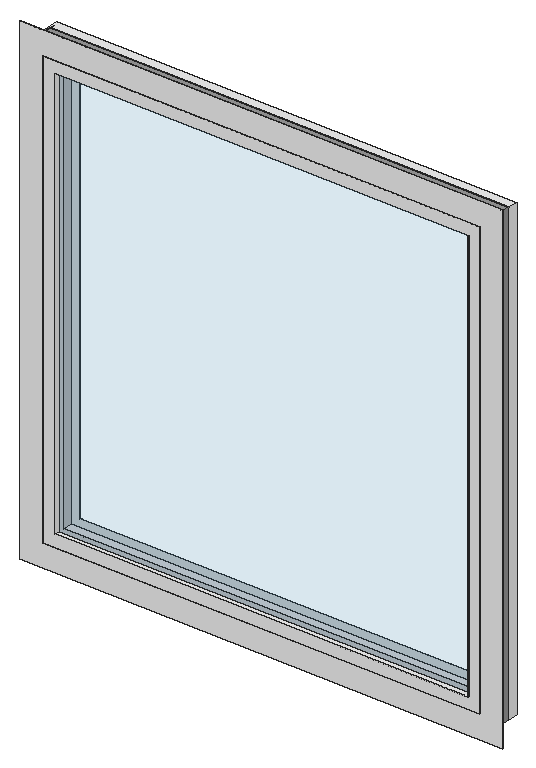
Revit family "Edge_TB42_H_Top_Hung_Custom", category Windows, host Wall, Revit 2014
Parameters (values of type "Casement_Sash_DG")
  Width Sash [instance] = 30 mm
  Width Sash Inner = 15 mm
  Width Bead = 15 mm
  Top Hung [instance] = yes
  Thermal Break Material = Rubber, Black
  Thermal Break Length = 16 mm
  Side Hung Right [instance] = yes
  Side Hung Left [instance] = yes
  Sash Opening Width [instance] = 600 mm
  Sash Opening Height [instance] = 600 mm
  Sash Lip = 15 mm
  Sash Leg [instance] = (Depth Sash - Thermal Break Length) / 2  # 13 mm
  SG Bead Leg = 6.683 mm
  Glazing Material [instance] = Glass
  Glazing Offset = 5 mm
  DG Start Piece 2 [instance] = DG End Piece 1 + DG Gasket Thickness  # 24.158 mm
  DG Start Peice 1 [instance] = ((Depth Sash - (2 * DG Glazing Thickness) - DG Gasket Thickness) / 2) - (SG Bead Leg - Aluminium Thickness) / 2  # 5.758 mm
  DG Glazing Thickness [instance] = 6.4 mm
  DG Gasket Thickness = 12 mm  # constant formula
  DG Gasket Material [instance] = none
  Depth Sash [instance] = 42 mm
  DG End Piece 2 [instance] = DG Start Piece 2 + DG Glazing Thickness  # 30.558 mm
  DG End Piece 1 [instance] = DG Start Peice 1 + DG Glazing Thickness  # 12.158 mm
  Center Vertical Sash [instance] = Sash Opening Height / 2  # 300 mm
  Center Horizontal Sash [instance] = Sash Opening Width / 2  # 300 mm
  Bottom Hung [instance] = yes
  Bead Offset = 15 mm
  Aluminium Thickness = 1 mm
  Aluminium Material [instance] = White Powder Coated Aluminium
Reference planes
  plane 1 "Center (Front/Back)": y = 0
  plane 2: z = 0
  plane 3 "Center (Left/Right)": x = 0
Forms (mm)
  Sweep 1, solid, material "White Powder Coated Aluminium" <- "Aluminium Material"
    path origin (16.177, 0, 121.331) x (1, 0, 0) y (0, 0, 1)
      loop
        line (0, 0) -> (600, 0) -> (600, 600) -> (0, 600) -> (0, 0)
    profile origin (316.177, 0, 121.331) x (0, 0, 1) y (0, -1, 0)
      loop
        line (0, 0) -> (30, 0) -> (30, 1) -> (15, 1) -> (15, 13) -> (14, 13) -> (14, 1) -> (1, 1) -> (1, 13) -> (0, 13) -> (0, 0)
      loop
        line (15, 42) -> (-15, 42) -> (-15, 41) -> (0, 41) -> (0, 29) -> (1, 29) -> (1, 41) -> (14, 41) -> (14, 29) -> (15, 29) -> (15, 42)
  Sweep 2, solid, material "White Powder Coated Aluminium" <- "Aluminium Material"
    path origin (0, 0, 0) x (1, 0, 0) y (0, 0, 1)
      loop
        line (31.177, 706.331) -> (31.177, 136.331) -> (601.177, 136.331) -> (601.177, 706.331) -> (31.177, 706.331)
    profile origin (316.177, 0, 706.331) x (0, 0, 1) y (0, -1, 0)
      loop
        line (0, 41) -> (0, 42) -> (-15, 42) -> (-15, 35.317) -> (-14, 35.317) -> (-14, 41) -> (0, 41)
  Extrusion 3, solid, material "Glass" <- "Glazing Material"
    sketch origin (0, 0, 0) x (1, 0, 0) y (0, 0, 1)
      loop
        line (36.177, 701.331) -> (36.177, 141.331) -> (596.177, 141.331) -> (596.177, 701.331) -> (36.177, 701.331)
    from 5.758 <- "DG Start Peice 1" to 12.158 <- "DG End Piece 1"
  Extrusion 4, solid, material "Glass" <- "Glazing Material"
    sketch origin (0, 0, 0) x (1, 0, 0) y (0, 0, 1)
      loop
        line (36.177, 701.331) -> (36.177, 141.331) -> (596.177, 141.331) -> (596.177, 701.331) -> (36.177, 701.331)
    from 30.558 <- "DG End Piece 2" to 24.158 <- "DG Start Piece 2"
  Sweep 5, solid, material <- "DG Gasket Material"
    path origin (0, -12.158, 0) x (1, 0, 0) y (0, 0, 1)
      loop
        line (36.177, 701.331) -> (36.177, 141.331) -> (596.177, 141.331) -> (596.177, 701.331) -> (36.177, 701.331)
    profile origin (316.177, -12.158, 701.331) x (0, 0, 1) y (0, -1, 0)
      loop
        line (0, 0) -> (0, 12) -> (-7.96, 12) -> (-7.96, 0) -> (0, 0)
  Sweep 6, solid, material "Rubber, Black" <- "Thermal Break Material"
    path origin (16.177, -13, 121.331) x (1, 0, 0) y (0, 0, 1)
      loop
        line (-15, 615) -> (-15, -15) -> (615, -15) -> (615, 615) -> (-15, 615)
    profile origin (316.177, -13, 736.331) x (0, 0, 1) y (0, -1, 0)
      loop
        line (-15, 16) -> (-16, 16) -> (-16, 0) -> (-15, 0) -> (-15, 16)
      loop
        line (-29, 16) -> (-30, 16) -> (-30, 0) -> (-29, 0) -> (-29, 16)
Lines and regions (mm)
  model lines
    curve 1: line (1.177, -42, 736.331) -> (31.177, -42, 706.331)
    curve 2: line (601.177, -42, 706.331) -> (631.177, -42, 736.331)
    curve 3: line (601.177, -42, 136.331) -> (631.177, -42, 106.331)
    curve 4: line (1.177, -42, 106.331) -> (31.177, -42, 136.331)
    curve 5: line (631.177, -41, 736.331) -> (616.177, -41, 721.331)
    curve 6: line (1.177, -41, 736.331) -> (16.177, -41, 721.331)
    curve 7: line (1.177, -41, 106.331) -> (16.177, -41, 121.331)
    curve 8: line (631.177, -41, 106.331) -> (616.177, -41, 121.331)
    curve 9: line (616.177, 0, 121.331) -> (586.177, 0, 151.331)
    curve 10: line (46.177, 0, 151.331) -> (16.177, 0, 121.331)
    curve 11: line (616.177, 0, 721.331) -> (586.177, 0, 691.331)
    curve 12: line (46.177, 0, 691.331) -> (16.177, 0, 721.331)
    curve 13: line (31.177, -42, 691.331) -> (46.177, -42, 691.331)
    curve 14: line (586.177, -42, 691.331) -> (601.177, -42, 691.331)
    curve 15: line (586.177, -42, 151.331) -> (601.177, -42, 151.331)
    curve 16: line (31.177, -42, 151.331) -> (46.177, -42, 151.331)
  model lines, style "GenericModelHiddenLines", visible <- "Top Hung"
    curve 17: line (46.386, -30.558, 690.602) -> (316.177, -30.558, 151.331)
    curve 18: line (316.177, -30.558, 151.331) -> (586.177, -30.558, 691.018)
  model lines, style "GenericModelHiddenLines", visible <- "Bottom Hung"
    curve 19: line (46.177, -30.558, 151.331) -> (316.177, -30.558, 691.018)
    curve 20: line (316.177, -30.558, 691.018) -> (586.177, -30.558, 151.331)
  model lines, style "GenericModelHiddenLines", visible <- "Side Hung Left"
    curve 21: line (46.386, -30.558, 690.602) -> (585.24, -30.558, 421.331)
    curve 22: line (585.24, -30.558, 421.331) -> (46.177, -30.558, 151.331)
  model lines, style "GenericModelHiddenLines", visible <- "Side Hung Right"
    curve 23: line (586.177, -30.558, 691.018) -> (46.177, -30.558, 421.331)
    curve 24: line (46.177, -30.558, 421.331) -> (586.177, -30.558, 151.331)
Dimensions and locks
  "Aluminium Thickness": Sweep 1 sketch curve to Sweep 1 sketch curve  (x6)
  "Depth Sash": Sweep 1 sketch curve to Sweep 1 sketch curve
  "Sash Opening Width": Sweep 1 to Sweep 1
  "Sash Opening Height": Sweep 1 to Sweep 1
  "Width Sash": Sweep 1 sketch curve to Sweep 1 sketch curve  (x2)
  "Width Sash Inner": Sweep 1 sketch curve to Sweep 1 sketch curve
  "Sash Lip": Sweep 1 sketch curve to Sweep 1 sketch curve
  "Glazing Offset": Sweep 2 to Extrusion 3 sketch curve  (x3)
  "Glazing Offset": Extrusion 3 sketch curve to Sweep 2
  Sweep 1 to Sweep 1 = 1 mm
  "Width Bead": Sweep 2 sketch curve to Sweep 2 sketch curve
  locked: Sweep 5 sketch curve to Sweep 5 sketch curve at 7.96
  "Center Horizontal Sash": Sweep 1 to curve 18
  "Center Horizontal Sash": Sweep 1 to curve 20
  "Center Vertical Sash": Sweep 1 to curve 22
  "Center Vertical Sash": Sweep 1 to curve 24
  "Sash Leg": Sweep 1 sketch curve to Sweep 1 sketch curve
  "Aluminium Thickness": Sweep 2 sketch curve to Sweep 2 sketch curve  (x2)
  "SG Bead Leg": Sweep 2 sketch curve to Sweep 2 sketch curve
  aligned and locked: level to plane 2
  aligned and locked: Sweep 1 sketch curve to Sweep 1 sketch curve  (x3)
  aligned and locked: Sweep 2 sketch curve to Sweep 1  (x4)
  aligned and locked: Sweep 1 to Sweep 2 sketch curve  (x2)
  aligned and locked: Extrusion 4 sketch curve to Extrusion 3  (x4)
  aligned and locked: Sweep 5 sketch curve to Extrusion 3  (x5)
  aligned and locked: Extrusion 3 to Sweep 5 sketch curve
  aligned and locked: Sweep 6 sketch curve to Sweep 1  (x10)
  aligned and locked: Sweep 1 to Sweep 6 sketch curve  (x2)
Automatic sketch dimensions
  plane 3 "Center (Left/Right)" to Sweep 1 sketch curve = 16.177 mm
  level to Sweep 1 sketch curve = 121.331 mm
  plane 3 "Center (Left/Right)" to Sweep 1 sketch curve = 616.177 mm
  level to Sweep 1 sketch curve = 721.331 mm
  profile plane to Sweep 5 sketch curve = 12 mm
  curve 7 to Sweep 1 = 0 mm  (x4)
  curve 6 to Sweep 1 = 0 mm  (x3)
  Sweep 1 to curve 6 = 0 mm
  curve 5 to Sweep 1 = 0 mm  (x3)
  curve 8 to Sweep 1 = 0 mm  (x4)
  Sweep 1 to curve 5 = 0 mm
  curve 16 to Sweep 2 = 0 mm  (x3)
  curve 13 to Sweep 2 = 0 mm  (x3)
  curve 15 to Sweep 2 = 0 mm
  Sweep 2 to curve 15 = 0 mm  (x2)
  curve 14 to Sweep 2 = 0 mm  (x2)
  Sweep 2 to curve 14 = 0 mm
  curve 1 to Sweep 1 = 0 mm  (x4)
  curve 4 to Sweep 1 = 0 mm  (x4)
  curve 2 to Sweep 1 = 0 mm  (x4)
  curve 3 to Sweep 1 = 0 mm  (x2)
  Sweep 1 to curve 3 = 0 mm  (x2)
  curve 10 to Sweep 1 = 0 mm  (x4)
  curve 12 to Sweep 1 = 0 mm  (x2)
  Sweep 1 to curve 12 = 0 mm  (x2)
  curve 11 to Sweep 1 = 0 mm  (x4)
  curve 9 to Sweep 1 = 0 mm  (x4)
  profile plane to Sweep 1 sketch curve = 0 mm  (x2)
  Sweep 1 sketch curve to plane 1 "Center (Front/Back)" = 0 mm
  Sweep 1 sketch curve to Sweep 1 sketch curve = 13 mm
  Sweep 1 sketch curve to Sweep 1 sketch curve = 12 mm  (x2)
  curve 21 to Extrusion 4 = 10.208 mm
  curve 19 to Extrusion 4 = 10 mm
  curve 23 to Extrusion 4 = 10 mm  (x2)
  curve 22 to Extrusion 4 = 10.937 mm
  curve 20 to Extrusion 4 = 10 mm
  curve 24 to Extrusion 4 = 10 mm
  curve 22 to Extrusion 4 = 10 mm
  curve 18 to Extrusion 4 = 10 mm
  curve 21 to Extrusion 4 = 10.729 mm
  curve 19 to Extrusion 4 = 10.312 mm
  curve 18 to Extrusion 4 = 10.312 mm
